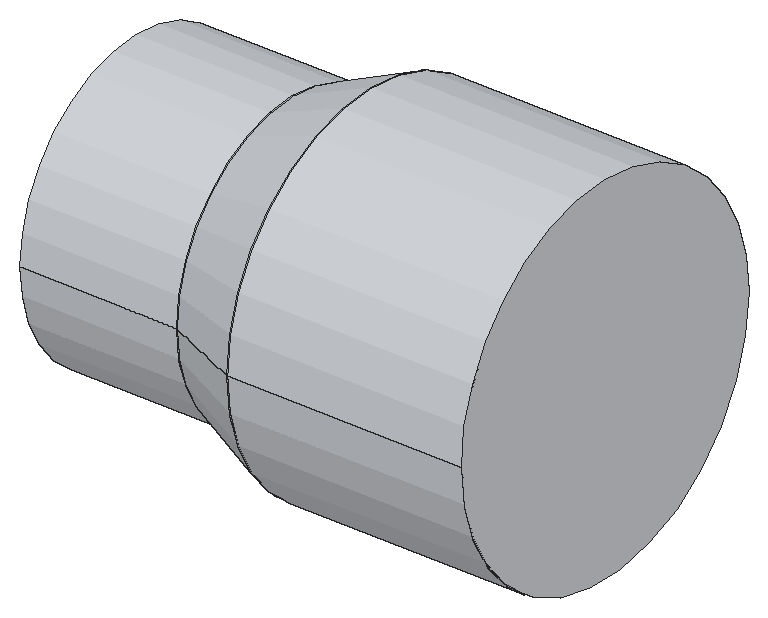
Revit family "Bucha de redução - Passagem - PPR", category Conexões de tubo, Revit 2019
Family settings
  Cota do conector redondo = Usar raio
  Tipo de parte = Transição
  Com base no plano de trabalho = Não
  Sempre na vertical = Sim
  Corte com vazios quando carregada = Não
  Compartilhado = Não
Parameters (values of type "Padrão")
  Visibilidade 3 [instance] = Diâmetro nominal 1 = Diâmetro nominal 2  # no
  Visibilidade 2 [instance] = Diâmetro nominal 1 < Diâmetro nominal 2  # yes
  Visibilidade 1 [instance] = Diâmetro nominal 1 > Diâmetro nominal 2  # no
  Tamanho da marca de cota 2 [instance] = Diâmetro externo da conexão 2 * 0.4  # 12 mm
  Tamanho da marca de cota 1 [instance] = Diâmetro externo da conexão 1 * 0.4  # 9.68 mm
  Diâmetro mínimo nominal 12 [instance] = if(Diâmetro nominal 1 > Diâmetro nominal 2, Diâmetro nominal 2, Diâmetro nominal 1)  # 20 mm
  Diâmetro nominal máximo 12 [instance] = if(Diâmetro nominal 1 > Diâmetro nominal 2, Diâmetro nominal 1, Diâmetro nominal 2)  # 25 mm
  Nome da tabela de pesquisa = "BR_Reducing Bush - Slip - PPR"
  Comprimento [instance] = size_lookup(Nome da tabela de pesquisa, "Lgt", 1.11 * Diâmetro nominal máximo 12 + 0.01 * Diâmetro mínimo nominal 12 + 11.3 mm, Diâmetro nominal 1, Diâmetro nominal 2)  # 39.25 mm
  built-in parameter 1114211 [instance] = (empty or 0)
  built-in parameter 1114212 [instance] = (empty or 0)
  Raio nominal 2 [instance] = 12.5 mm
  Diâmetro nominal 2 [instance] = Raio nominal 2 * 2  # 25 mm
  Comprimento 2 [instance] = if(Diâmetro nominal 1 > Diâmetro nominal 2, 1 / 3 * Comprimento, 1 / 2 * Comprimento)  # 19.625 mm
  Raio externo da conexão 2 [instance] = Diâmetro externo da conexão 2 / 2  # 15 mm
  Raio externo da conexão 1 [instance] = Diâmetro externo da conexão 1 / 2  # 12.1 mm
  Diâmetro externo da conexão 2 [instance] = size_lookup(Nome da tabela de pesquisa, "FOD", 1.23 * Diâmetro nominal 2 + 9 mm, Diâmetro nominal 2)  # 30 mm
  Diâmetro externo da conexão 1 [instance] = size_lookup(Nome da tabela de pesquisa, "FOD", 0.99 * Diâmetro nominal 1 + 4.4 mm, Diâmetro nominal 1)  # 24.2 mm
  Raio nominal 1 [instance] = 10 mm
  Diâmetro nominal 1 [instance] = Raio nominal 1 * 2  # 20 mm
  Loss Method = 1
  Tabela de coeficiente K = "Transição de contração/alargamento"
  Comprimento 1 [instance] = if(Diâmetro nominal 1 > Diâmetro nominal 2, 1 / 2 * Comprimento, 1 / 3 * Comprimento)  # 13.083 mm
Reference planes
  plane 1 "Centro (Frente/Trás)": y = 0
  plane 2: z = 0
  plane 3 "Centro (Esquerda/Direita)": x = 0
  plane 4: y = 0
  plane 5: z = 0
  plane 6: x = 13.083
  plane 7: x = 39.25
  plane 8: x = 19.625
  plane 9: y = 9.68
  plane 10: y = -9.68
  plane 11: y = 12
  plane 12: y = -12
  plane 13: z = 9.68
  plane 14: z = 12
Forms (mm)
  Extrusion 1, solid, detail levels fine
    sketch origin (0, 0, 0) x (0, 1, 0) y (0, 0, 1)
      loop
        circle (0, 0) r 12.1
    from 0 to 13.083
  Extrusion 2, solid, detail levels fine
    sketch origin (25, -110.086, 1219.2) x (0, 1, 0) y (0, 0, 1)
      loop
        circle (110.086, -1219.2) r 15
    from -5.375 to 14.25
  Blend 3, solid, detail levels fine
    base sketch origin (0, 0, 0) x (0, 1, 0) y (0, 0, 1)
      loop
        circle (0, 0) r 12.1
    top sketch origin (0, 0, 0) x (0, 1, 0) y (0, 0, 1)
      loop
        circle (0, 0) r 15
    from 13.083 to 19.625
  Blend 4, solid, not visible
    base sketch origin (39.25, 41.566, 1219.2) x (0, 1, 0) y (0, 0, 1)
      loop
        line (-41.566, -1209.52) -> (-51.246, -1209.52) -> (-51.246, -1219.2) -> (-41.566, -1219.2) -> (-41.566, -1209.52)
    top sketch origin (39.25, 41.566, 1219.2) x (0, 1, 0) y (0, 0, 1)
      loop
        line (-29.566, -1207.2) -> (-41.566, -1207.2) -> (-41.566, -1219.2) -> (-29.566, -1219.2) -> (-29.566, -1207.2)
    from -39.25 to 0
  Blend 5, solid, not visible
    base sketch origin (0, 0, 0) x (0, 1, 0) y (0, 0, 1)
      loop
        line (9.68, 9.68) -> (0, 9.68) -> (0, 0) -> (9.68, 0) -> (9.68, 9.68)
    top sketch origin (0, 0, 0) x (0, 1, 0) y (0, 0, 1)
      loop
        line (0, 12) -> (-12, 12) -> (-12, 0) -> (0, 0) -> (0, 12)
    from 0 to 39.25
  Blend 6, solid, not visible
    base sketch origin (0, 0, 0) x (0, 1, 0) y (0, 0, 1)
      loop
        line (0, 9.68) -> (-9.68, 9.68) -> (-9.68, 0) -> (0, 0) -> (0, 9.68)
    top sketch origin (0, 0, 0) x (0, 1, 0) y (0, 0, 1)
      loop
        line (0, 12) -> (-12, 12) -> (-12, 0) -> (0, 0) -> (0, 12)
    from 0 to 39.25
Lines and regions (mm)
  model lines, visible <- "Visibilidade 1", detail levels coarse+medium
    curve 1: line (0, -9.68, 0) -> (39.25, 0, 0)
    curve 4: line (0, 9.68, 0) -> (39.25, 0, 0)
  model lines, visible <- "Visibilidade 2", detail levels coarse+medium
    curve 2: line (0, 0, 0) -> (39.25, 12, 0)
    curve 3: line (0, 0, 0) -> (39.25, -12, 0)
  model lines, visible <- "Visibilidade 3", detail levels coarse+medium
    curve 5: line (0, 0, 0) -> (39.25, 0, 0)
  model lines, detail levels coarse+medium
    curve 6: line (0, 0, 0) -> (0, -9.68, 0)
    curve 7: line (0, 0, 0) -> (0, 9.68, 0)
    curve 8: line (39.25, 12, 0) -> (39.25, 0, 0)
    curve 9: line (39.25, 0, 0) -> (39.25, -12, 0)
Dimensions and locks
  "Comprimento 1": plane 3 "Centro (Esquerda/Direita)" to plane 6
  "Comprimento": plane 3 "Centro (Esquerda/Direita)" to plane 7
  "Comprimento 2": plane 8 to plane 7
  "Tamanho da marca de cota 1": plane 9 to plane 1 "Centro (Frente/Trás)"
  equal spacing: plane 9, plane 1 "Centro (Frente/Trás)", plane 10
  "Tamanho da marca de cota 2": plane 11 to plane 4
  equal spacing: plane 11, plane 4, plane 12
  "Tamanho da marca de cota 1": plane 2 to plane 13
  "Tamanho da marca de cota 2": plane 14 to plane 5
  "Raio externo da conexão 1": radius of Extrusion 1 sketch curve
  "Raio externo da conexão 2": radius of Extrusion 2 sketch curve
  "Raio externo da conexão 1": radius of Blend 3 sketch curve
  "Raio externo da conexão 2": radius of Blend 3 sketch curve
  aligned and locked: plane 1 "Centro (Frente/Trás)" to Extrusion 1 sketch curve
  aligned and locked: plane 2 to Extrusion 1 sketch curve
  aligned and locked: Extrusion 1 to plane 3 "Centro (Esquerda/Direita)"
  aligned and locked: plane 6 to Extrusion 1
  aligned and locked: plane 5 to Extrusion 2 sketch curve
  aligned and locked: plane 4 to Extrusion 2 sketch curve
  aligned and locked: Extrusion 2 to plane 8
  aligned and locked: plane 7 to Extrusion 2
  aligned and locked: plane 2 to Blend 3 sketch curve
  aligned and locked: plane 1 "Centro (Frente/Trás)" to Blend 3 sketch curve
  aligned and locked: plane 5 to Blend 3 sketch curve
  aligned and locked: plane 4 to Blend 3 sketch curve
  aligned and locked: Blend 3 to plane 6
  aligned and locked: plane 8 to Blend 3
  aligned and locked: plane 13 to Blend 4 sketch curve
  aligned and locked: plane 1 "Centro (Frente/Trás)" to Blend 4 sketch curve
  aligned and locked: Blend 4 sketch curve to plane 10
  aligned and locked: level to Blend 4 sketch curve
  aligned and locked: Blend 4 sketch curve to plane 14
  aligned and locked: Blend 4 sketch curve to plane 4
  aligned and locked: Blend 4 sketch curve to plane 11
  aligned and locked: plane 5 to Blend 4 sketch curve
  aligned and locked: Blend 4 to plane 3 "Centro (Esquerda/Direita)"
  aligned and locked: plane 7 to Blend 4
  aligned and locked: plane 13 to Blend 5 sketch curve
  aligned and locked: Blend 5 sketch curve to plane 9
  aligned and locked: level to Blend 5 sketch curve
  aligned and locked: Blend 5 sketch curve to plane 1 "Centro (Frente/Trás)"
  aligned and locked: Blend 5 sketch curve to plane 14
  aligned and locked: plane 4 to Blend 5 sketch curve
  aligned and locked: plane 5 to Blend 5 sketch curve
  aligned and locked: Blend 5 sketch curve to plane 12
  aligned and locked: Blend 5 to plane 3 "Centro (Esquerda/Direita)"
  aligned and locked: plane 7 to Blend 5
  aligned and locked: plane 13 to Blend 6 sketch curve
  aligned and locked: plane 1 "Centro (Frente/Trás)" to Blend 6 sketch curve
  aligned and locked: level to Blend 6 sketch curve
  aligned and locked: Blend 6 sketch curve to plane 10
  aligned and locked: Blend 6 sketch curve to plane 14
  aligned and locked: plane 4 to Blend 6 sketch curve
  aligned and locked: plane 5 to Blend 6 sketch curve
  aligned and locked: Blend 6 sketch curve to plane 12
  aligned and locked: Blend 6 to plane 3 "Centro (Esquerda/Direita)"
  aligned and locked: plane 7 to Blend 6
  aligned and locked: curve 1 to Blend 4
  aligned and locked: plane 3 "Centro (Esquerda/Direita)" to curve 1
  aligned and locked: plane 7 to curve 1
  aligned and locked: curve 2 to Blend 4
  aligned and locked: plane 3 "Centro (Esquerda/Direita)" to curve 2
  aligned and locked: level to curve 2
  aligned and locked: plane 5 to curve 2
  aligned and locked: curve 3 to Blend 5
  aligned and locked: plane 3 "Centro (Esquerda/Direita)" to curve 3
  aligned and locked: level to curve 3
  aligned and locked: plane 7 to curve 3
  aligned and locked: plane 5 to curve 3
  aligned and locked: curve 4 to Blend 5
  aligned and locked: plane 3 "Centro (Esquerda/Direita)" to curve 4
  aligned and locked: level to curve 4
  aligned and locked: plane 5 to curve 4
  aligned and locked: plane 7 to curve 4
  aligned and locked: curve 5 to Blend 6
  aligned and locked: plane 3 "Centro (Esquerda/Direita)" to curve 5
  aligned and locked: level to curve 5
  aligned and locked: plane 7 to curve 5
  aligned and locked: plane 5 to curve 5
  aligned and locked: plane 10 to curve 6
  aligned and locked: plane 1 "Centro (Frente/Trás)" to curve 6
  aligned and locked: plane 9 to curve 7
  aligned and locked: level to curve 7
  aligned and locked: plane 11 to curve 8
  aligned and locked: plane 4 to curve 8
  aligned and locked: plane 12 to curve 9
  aligned and locked: curve 8 to plane 5
Automatic sketch dimensions
  curve 1 to Blend 4 = 0 mm  (x2)
  curve 2 to Blend 4 = 0 mm  (x2)
  curve 3 to Blend 5 = 0 mm  (x2)
  curve 4 to Blend 5 = 0 mm  (x2)
  curve 5 to Blend 6 = 0 mm  (x2)
Connectors
  piping at (0, 0, 0), diameter 20, driven by "Raio nominal 1"
    settings: on Extrusion 1, index 1, connector inside diameter 20 mm, connector length 0 mm, flow factor 0, pipe flow 0.0 L/s, pressure drop 0.0 Pa, fitting loss kfactor 0, connector angle 0.00°, fixture units 0, engagement length 0 mm, angle of deflection 0.00°, flow configuration 0, flow direction 0, fitting loss method 0, system type 28, joint type 0, gender type 0, connector reference index 2, connector utility 0, adjustable connector no, is connector primary yes, connector description ""
  piping at (39.25, 0, 0), diameter 25, driven by "Raio nominal 2"
    settings: on Extrusion 2, index 2, connector inside diameter 25 mm, connector length 0 mm, flow factor 0, pipe flow 0.0 L/s, pressure drop 0.0 Pa, fitting loss kfactor 0, connector angle 0.00°, fixture units 0, engagement length 0 mm, angle of deflection 0.00°, flow configuration 0, flow direction 0, fitting loss method 0, system type 28, joint type 0, gender type 0, connector reference index 1, connector utility 0, adjustable connector no, is connector primary no, connector description ""
